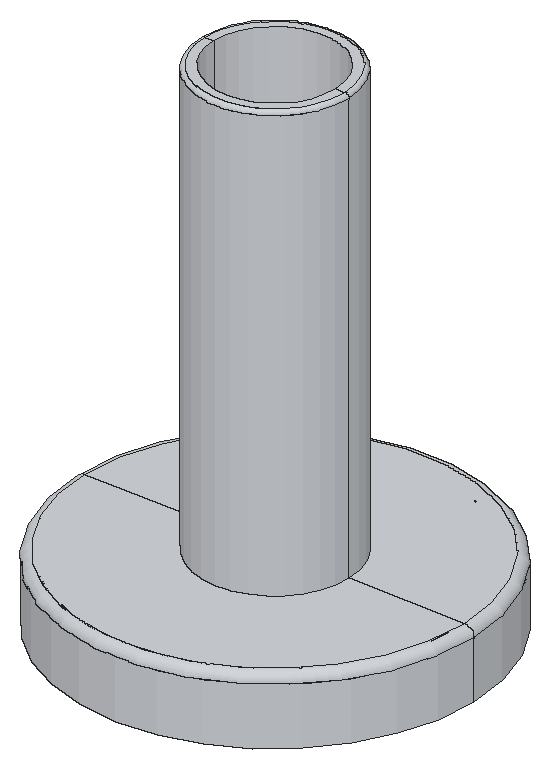
Revit family "Shower-Ceiling_Mount-Showerarm-KOHLER-K-26319", category Plumbing Fixtures, host Face, Revit 2017
Family settings
  Host = Face
  Round Connector Dimension = Use Diameter
  Part Type = Normal
  OmniClass Number = 23.31.17.00
  Cut with Voids When Loaded = No
  Shared = No
  Room Calculation Point = No
Parameters (values of type "CP-Polished Chrome")
  Width = 2 3/16"  # constant formula
  WaterSense Certified = 1 = 0  # no
  Waste Water Outlet = "Waste Water Outlet"  # constant formula
  Waste Connection = 1 = 0  # no
  Vent Connection = 1 = 0  # no
  URL = "https://www.us.kohler.com/us/"
  Type = 1
  Tempered Water Inlet = "Tempered Water Inlet"  # constant formula
  Product Page URL = "http://www.us.kohler.com/us/catalog/productDetails.jsp?productId=26319"
  Product Name = ""
  Product Documentation Link = "https://www.us.kohler.com/webassets/kpna/catalog/pdf/en/K-26319_spec.pdf"
  Pressure = 0.00 psi
  Model = if(Type = 1, "K-26319-CP", if(Type = 2, "K-26319-BN", if(Type = 3, "K-26319-BL", if(Type = 4, "K-26319-2MB", "NA"))))  # "K-26319-CP"
  Material = "Brass Construction"  # constant formula
  Master Format 2014 Name = "Residential Showers"  # constant formula
  Master Format 2014 = "22 42 23"  # constant formula
  Manufacturer Address = "444 Highland Dr, Kohler, WI 53044"  # constant formula
  Manufacturer = "KOHLER Co."  # constant formula
  Length = 2 3/16"  # constant formula
  Hot Water Inlet = "Hot Water Inlet"  # constant formula
  Height = 2 3/4"  # constant formula
  HW Connection = 1 = 1  # yes
  Flow Rate = 0 GPM
  Finish = Kohler-Metal-CP-Polished_Chrome
  Environmental Product Declaration = ""
  Drain Included = 1 = 0  # no
  Description = "Ceiling Mount Arm Short-3"  # constant formula
  Default Elevation = 0"
  Declare Label = ""
  Date Modified = "12/11/2020"  # constant formula
  Date Created = "12/11/2020"  # constant formula
  Copyright = "Copyright KOHLER Co."  # constant formula
  Contact Us = "https://www.us.kohler.com/us/static/contact.jsp"
  Cold Water Inlet = "Cold Water Inlet"  # constant formula
  CW Connection = 1 = 0  # no
  Assembly Code = "D2010700"
  ADA Compliant = 1 = 0  # no
Types (5): name | Type | Model | Finish
  (no name) | 1 | "K-26319-CP" | Kohler-Metal-CP-Polished_Chrome
  CP-Polished Chrome | 1 | "K-26319-CP" | Kohler-Metal-CP-Polished_Chrome
  BN-Vibrant Brushed Nickel | 2 | "K-26319-BN" | Kohler-Metal-BN-Vibrant_Brushed_Nickel
  BL-Matte Black | 3 | "K-26319-BL" | Kohler-Metal-BL-Matte_Black
  2MB-Vibrant Brushed Moderne Brass | 4 | "K-26319-2MB" | Kohler-Metal-2MB-Vibrant_Brushed_Moderne_Brass
Reference planes (in)
  plane 1 "Center (Front/Back)": y = 0
  plane 2: z = 0
  plane 3 "Center (Left/Right)": x = 0
  plane 4: x = -1.09375
  plane 5: x = -0.40685
  plane 6: x = 0.40685
  plane 7: x = 1.09375
  plane 8: y = 1.09375
  plane 9: y = 0.40685
  plane 10: y = -0.40685
  plane 11: y = -1.09375
  plane 12: z = 0.36722
  plane 13: z = 2.75
Dimensions and locks (in)
  "Width": plane 4 to plane 7
  "Length": plane 8 to plane 11
  "Height": plane 13 to level
  aligned and locked: plane 2 to host face
  aligned and locked: level to host face
  aligned and locked: plane 3 "Center (Left/Right)" to nested 1
  aligned and locked: plane 1 "Center (Front/Back)" to nested 1
Automatic sketch dimensions
  host sketch curve to host sketch curve = 96"  (x2)
Nested families (in)
  nested 1: "K-26319" at (0, 0, 0), type "K-26319"
Connectors (in)
  piping at (0, 0, 0), diameter 0.5, driven by "Flow Rate", driven by "HW Connection", driven by "Tempered Water Inlet"
    settings: on nested 1, index 1, connector inside diameter 24", connector length 0", flow factor 0, pipe flow 0 GPM, pressure drop 0.00 psi, fitting loss kfactor 0, connector angle 0.00°, fixture units 0, engagement length 0", angle of deflection 0.00°, flow configuration 0, flow direction 1, fitting loss method 0, system type 19, joint type 0, gender type 0, connector reference index -1, connector utility 1, adjustable connector no, is connector primary yes, connector description "Tempered Water Inlet"
Definition of nested family "K-26319"
  Parameters (values of type "K-26319")
    Material = none
  Reference planes (in)
    plane 1 "Center (Front/Back)": y = 0
    plane 2: z = 0
    plane 3 "Center (Left/Right)": x = 0
    plane 4: x = -1.09375
    plane 5: x = 1.09375
    plane 6: y = 1.09375
    plane 7: y = -1.09375
    plane 8: z = 3.75
    plane 9: y = 0.40685
    plane 10: y = -0.40685
    plane 11: x = 0.40685
    plane 12: x = -0.40685
    plane 13: z = 2.75
    plane 14: z = 0.36722
  Forms (in)
    Revolve 1, solid, material <- "Material", detail levels medium+fine
      sketch origin (0, 0, 0) x (1, 0, 0) y (0, 0, 1)
        loop
          line (0, 0.08746) -> (0.40685, 0.08746) -> (0.40685, 0) -> (0.58339, 0)
          arc (0.58339, 0) -> (0.60343, 0.0083) -> (0.61173, 0.02834) r 0.02834
          line (0.61173, 0.02834) -> (0.61173, 0.26887)
          arc (0.61173, 0.26887) -> (0.62004, 0.28892) -> (0.64008, 0.29722) r 0.02834
          line (0.64008, 0.29722) -> (1.0055, 0.29722)
          arc (1.0055, 0.29722) -> (1.02325, 0.28986) -> (1.0306, 0.27211) r 0.02511
          line (1.0306, 0.27211) -> (1.0306, 0.02723)
          arc (1.0306, 0.02723) -> (1.03858, 0.00798) -> (1.05783, 0) r 0.02723
          line (1.05783, 0) -> (1.09375, 0) -> (1.09375, 0.31624)
          arc (1.09375, 0.31624) -> (1.07882, 0.35229) -> (1.04277, 0.36722) r 0.05098
          line (1.04277, 0.36722) -> (0.40685, 0.36722) -> (0.40685, 2.72835)
          arc (0.40685, 2.72835) -> (0.40051, 2.74366) -> (0.3852, 2.75) r 0.02165
          line (0.3852, 2.75) -> (0.33482, 2.75) -> (0.33482, 2.31819) -> (0, 2.31819) -> (0, 0.08746)
        axis (0, 2.75) -> (0, 0)
      angle from 0 to 360
    Extrusion 2, void
      sketch origin (0, 0, 0) x (1, 0, 0) y (0, 0, 1)
        loop
          circle (0, 0.15748) r 0.08415
      from -1.19057 to -0.98741
    Revolve 3, solid, material <- "Material", detail levels coarse
      sketch origin (0, 0, 0) x (1, 0, 0) y (0, 0, 1)
        loop
          line (-0.40685, 0) -> (0, 0) -> (0, 2.75) -> (-0.40685, 2.75) -> (-0.40685, 0.36722) -> (-1.09375, 0.36722) -> (-1.09375, 0) -> (-0.40685, 0)
        axis (0, 0) -> (0, 2.75)
      angle from 0 to 360
  Cuts and joins
    Extrusion 2 cuts Revolve 1
  Lines and regions (in)
    Masking region 1
      outline origin (0, 0, 2.75) x (0, -1, 0) y (0, 0, -1)
        loop
          line (1.09375, 2.75) -> (-0.12831, 2.75) -> (-1.09375, 2.75) -> (-1.09375, 2.43194)
          arc (-1.09375, 2.43194) -> (-1.07935, 2.39718) -> (-1.04459, 2.38278) r 0.04916
          line (-1.04459, 2.38278) -> (-0.40685, 2.38278) -> (-0.40685, 0) -> (0.40685, 0) -> (0.40685, 2.38278) -> (1.04459, 2.38278)
          arc (1.04459, 2.38278) -> (1.07935, 2.39718) -> (1.09375, 2.43194) r 0.04916
          line (1.09375, 2.43194) -> (1.09375, 2.75)
    Masking region 2
      outline origin (0, 0, 2.75) x (-1, 0, 0) y (0, 0, -1)
        loop
          line (-1.09375, 2.75) -> (-1.09375, 2.43194)
          arc (-1.09375, 2.43194) -> (-1.07935, 2.39718) -> (-1.04459, 2.38278) r 0.04916
          line (-1.04459, 2.38278) -> (-0.40685, 2.38278) -> (-0.40685, 0) -> (0.40685, 0) -> (0.40685, 2.38278) -> (1.04459, 2.38278)
          arc (1.04459, 2.38278) -> (1.07935, 2.39718) -> (1.09375, 2.43194) r 0.04916
          line (1.09375, 2.43194) -> (1.09375, 2.75) -> (0.06528, 2.75) -> (-1.09375, 2.75)
    Masking region 3
      outline origin (0, 0, 0) x (1, 0, 0) y (0, 1, 0)
        loop
          arc (0, 1.09375) -> (-0.7734, 0.7734) -> (-1.09375, 0) r 1.09375
          arc (-1.09375, 0) -> (-0.7734, -0.7734) -> (0, -1.09375) r 1.09375
          arc (0, -1.09375) -> (0.7734, -0.7734) -> (1.09375, 0) r 1.09375
          arc (1.09375, 0) -> (0.7734, 0.7734) -> (0, 1.09375) r 1.09375
    symbolic lines, detail levels medium+fine
      curve 1: line (0, 0.40685, 2.75) -> (0, -0.40685, 2.75)
      curve 2: line (0, 1.09375, 0.31806) -> (0, -1.09375, 0.31806)
      curve 3: line (0, 0.40685, 2.3291) -> (0, -0.40685, 2.3291)
      curve 4: line (0, 0.40685, 2.37598) -> (0, -0.40685, 2.37598)
      curve 5: line (0, 0.40685, 2.42285) -> (0, -0.40685, 2.42285)
      curve 6: line (0, 0.40685, 2.46973) -> (0, -0.40685, 2.46973)
      curve 7: line (0, 0.40685, 2.5166) -> (0, -0.40685, 2.5166)
      curve 8: line (0, 0.40685, 2.56348) -> (0, -0.40685, 2.56348)
      curve 9: line (0, 0.40685, 2.61035) -> (0, -0.40685, 2.61035)
      curve 10: line (0, 0.40685, 2.65723) -> (0, -0.40685, 2.65723)
      curve 11: line (0, 0.40685, 2.7041) -> (0, -0.40685, 2.7041)
      curve 12: line (-0.40685, 0, 2.75) -> (0.40685, 0, 2.75)
      curve 13: line (-1.09375, 0, 0.31806) -> (1.09375, 0, 0.31806)
      curve 14: line (-0.40685, 0, 2.33441) -> (0.40685, 0, 2.33441)
      curve 15: line (-0.40685, 0, 2.38129) -> (0.40685, 0, 2.38129)
      curve 16: line (-0.40685, 0, 2.42816) -> (0.40685, 0, 2.42816)
      curve 17: line (-0.40685, 0, 2.47504) -> (0.40685, 0, 2.47504)
      curve 18: line (-0.40685, 0, 2.52191) -> (0.40685, 0, 2.52191)
      curve 19: line (-0.40685, 0, 2.56879) -> (0.40685, 0, 2.56879)
      curve 20: line (-0.40685, 0, 2.61566) -> (0.40685, 0, 2.61566)
      curve 21: line (-0.40685, 0, 2.66254) -> (0.40685, 0, 2.66254)
      curve 22: line (-0.40685, 0, 2.70941) -> (0.40685, 0, 2.70941)
      curve 23: circle (0, 0, 0) r 1.03258 normal (0, 0, 1)
      curve 24: circle (0, 0, 0) r 0.40685 normal (0, 0, 1)
      curve 25: circle (0, 0, 0) r 0.332 normal (0, 0, 1)
      curve 26: line (-0.40685, 0, 0.36722) -> (0.40685, 0, 0.36722)
      curve 27: line (0, 0.40685, 0.36722) -> (0, -0.40685, 0.36722)
  Dimensions and locks (in)
    locked: plane 4 to plane 5 at 2.1875
    locked: plane 6 to plane 7 at 2.1875
    plane 13 to level = 2 3/4"
    aligned and locked: plane 2 to level
